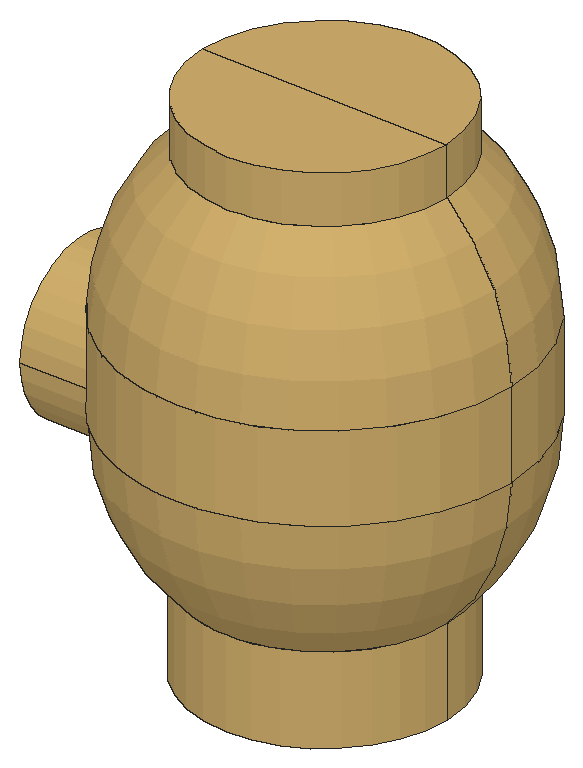
Revit family
Parameters (values of type "2" T/T")
  Weight = 5.50 lbf
  Viking Part Number = "10667"
  URL = "http://www.vikinggroupinc.com/databook/checkvalves/012202.pdf"
  Top = 5.250"
  Rev. Date = "12-17-09"
  Pressure Rating = 250.00 psi
  Nominal Radius = Nominal Diameter / 2  # 1.000"
  Nominal Diameter = 2.000"
  Model = "L-1"
  Manufacturer = "The Viking Corporation"
  LR2 = 1.938"
  LR1 = 1.188"
  Friction Loss (Feet of Sch 40 Pipe) = 8.000"
  Extrude CL = 2.313"
  Drain Extrude = 2.456"
  Drain Boss Radius = 0.813"
  Description = "L-1 Check Valve"
  BT4 = 4.600"
  BT3 = 3.266"
  BT2 = 1.985"
  BT1 = 0.985"
  Assembly Code = ""
  Arc Center = 0.125"
Types (4): name | Weight | Viking Part Number | Top | Nominal Radius | Nominal Diameter | Model | LR2 | LR1 | Friction Loss (Feet of Sch 40 Pipe) | Extrude CL | Drain Extrude | Description | BT4 | BT3 | BT2 | BT1 | Arc Center
  1-1/2" G/G | 4.50 lbf | "11054" | 6.063" | 0.750" | 1.500" | "L-1" | 1.688" | 0.950" | 5.000" | 3.125" | 2.200" | "L-1 Check Valve" | 4.953" | 3.529" | 2.390" | 0.965" | 0.051"
  2" G/G | 6.00 lbf | "11059" | 6.656" | 1.000" | 2.000" | "L-1" | 1.938" | 1.188" | 8.000" | 3.094" | 2.442" | "L-1 Check Valve" | 5.550" | 3.969" | 2.688" | 1.097" | 0.125"
  1-1/2" T/T | 4.00 lbf | "10659" | 4.625" | 0.750" | 1.500" | "K-1 " | 1.688" | 0.950" | 7.000" | 2.313" | 2.074" | "K-1 Check Valve" | 3.906" | 2.482" | 1.343" | 0.958" | 0.051"
  2" T/T | 5.50 lbf | "10667" | 5.250" | 1.000" | 2.000" | "L-1" | 1.938" | 1.188" | 8.000" | 2.313" | 2.456" | "L-1 Check Valve" | 4.600" | 3.266" | 1.985" | 0.985" | 0.125"
Reference planes (in)
  plane 1 "Center (Front/Back)": y = 0
  plane 2: z = 0
  plane 3 "Center (Left/Right)": x = 0
  plane 4 "BT1": z = 0.985
  plane 5 "BT2": z = 1.985
  plane 6 "BT3": z = 3.266
  plane 7 "BT4": z = 4.6
  plane 8 "Top": z = 5.25
  plane 9 "LR1": x = 1.188
  plane 10 "LR2": x = 1.938
  plane 11 "Arc Center": x = -0.125
  plane 12 "Drain Extrude": x = -2.456
  plane 13 "Extrude CL": z = 2.313
Forms (in)
  Revolve 1, solid, material "Viking - Brass"
    sketch origin (0, 0, 0) x (1, 0, 0) y (0, 0, 1)
      loop
        line (0, 0) -> (1.25416, 0) -> (1.25416, 0.8822)
        arc (1.25416, 0.8822) -> (1.73379, 1.57205) -> (1.90278, 2.39507) r 2.08864
        line (1.90278, 2.39507) -> (1.90278, 3.266)
        arc (1.90278, 3.266) -> (1.73033, 4.08432) -> (1.2423, 4.76346) r 2.02778
        line (1.2423, 4.76346) -> (1.2423, 5.25) -> (0, 5.25) -> (0, 0)
      axis (0, 5.25) -> (0, 0)
    angle from 0 to 360
  Extrusion 2, solid, material "Viking - Brass"
    sketch origin (0, 0, 0) x (0, 1, 0) y (0, 0, 1)
      loop
        circle (0, 2.313) r 0.813
    from -2.456 to 0
Cuts and joins
  joined: Revolve 1, Extrusion 2
Dimensions and locks (in)
  "BT1": plane 4 "BT1" to plane 2
  "BT2": plane 5 "BT2" to plane 2
  "BT3": plane 6 "BT3" to plane 2
  "BT4": plane 7 "BT4" to plane 2
  "Top": plane 8 "Top" to plane 2
  "LR1": plane 9 "LR1" to plane 3 "Center (Left/Right)"
  "LR2": plane 10 "LR2" to plane 3 "Center (Left/Right)"
  "Arc Center": plane 3 "Center (Left/Right)" to plane 11 "Arc Center"
  "Drain Extrude": plane 3 "Center (Left/Right)" to plane 12 "Drain Extrude"
  "Extrude CL": plane 13 "Extrude CL" to plane 2
  "Drain Boss Radius": radius of Extrusion 2 sketch curve
  aligned and locked: plane 3 "Center (Left/Right)" to Revolve 1 sketch curve  (x2)
  aligned and locked: Revolve 1 sketch curve to plane 2
  aligned and locked: plane 2 to Revolve 1 sketch curve
  aligned and locked: Revolve 1 sketch curve to plane 8 "Top"
  aligned and locked: plane 8 "Top" to Revolve 1 sketch curve
  aligned and locked: Extrusion 2 to plane 12 "Drain Extrude"
  aligned and locked: plane 3 "Center (Left/Right)" to Extrusion 2
  aligned and locked: plane 6 "BT3" to Revolve 1 sketch curve
Automatic sketch dimensions
  Extrusion 2 sketch curve to plane 1 "Center (Front/Back)" = 0.000"
  Extrusion 2 sketch curve to plane 13 "Extrude CL" = 0.000"
  Revolve 1 sketch curve to plane 11 "Arc Center" = 0.000"
  Revolve 1 sketch curve to level = 0.000"
  Revolve 1 sketch curve to plane 3 "Center (Left/Right)" = 0.000"
  Revolve 1 sketch curve to plane 8 "Top" = 0.000"
  Revolve 1 sketch curve to plane 11 "Arc Center" = 0.06086"
  plane 9 "LR1" to Revolve 1 sketch curve = 0.0543"
  plane 9 "LR1" to Revolve 1 sketch curve = 0.06616"
  Revolve 1 sketch curve to plane 10 "LR2" = 0.03522"
  Revolve 1 sketch curve to plane 4 "BT1" = 0.1028"
Connectors (in)
  piping at (0, 0, 5.25), driven by "Nominal Radius"
    settings: on cut or joined group of Revolve 1, Extrusion 2, index 1
  piping at (0, 0, 0), driven by "Nominal Radius"
    settings: on cut or joined group of Revolve 1, Extrusion 2, index 2
